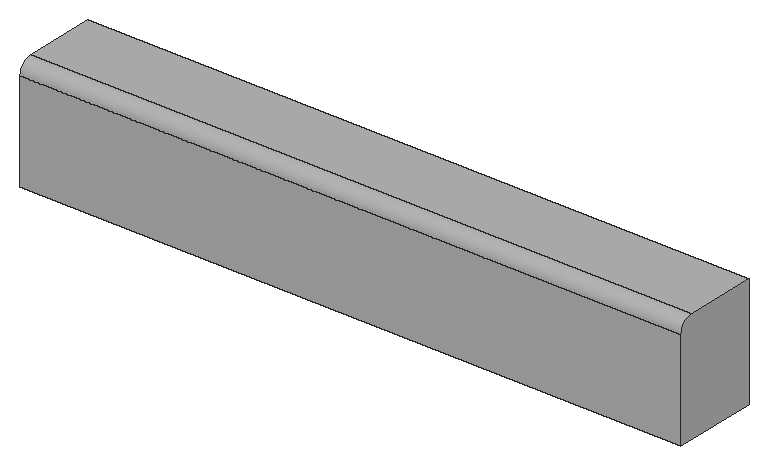
Revit family "K167 6x5 Bullnose Kerb", category Generic Models, Revit 2020
Family settings
  Can host rebar = No
  Round Connector Dimension = Use Diameter
  Part Type = Normal
  Work Plane-Based = No
  Always vertical = Yes
  Cut with Voids When Loaded = No
  Shared = No
  Room Calculation Point = No
Parameters
  Weight = "44Kg."
  Warranty Guarantor Parts = "n/a"
  Warranty Guarantor Labour = "n/a"
  Warranty Duration Unit = "n/a"
  Warranty Duration Parts = "n/a"
  Warranty Duration Labour = "n/a"
  Warranty Description = "n/a"
  Unit Width [instance] = 116 mm
  Unit Length [instance] = 914 mm
  Unit Height [instance] = 155 mm
  URL = "www.killeshal.com"
  Types = "Single"
  Type Comments = "Visit our website for a full list of available products."
  Sustainability Performance = "n/a"
  Structural Class = "n/a"
  Span = "Length."
  Slope = "0.00°"
  Size = "116 Wide x 155 High x 914mm Long."
  Shape = "As per drawing"
  Service Life = "0.000000"
  Serial Number = "n/a"
  Resistance to Fire = "n/a"
  Replacement Cost = "n/a"
  Reference = "n/a"
  Notified Body = "n/a"
  Nominal Cover to Main Bar = "n/a"
  Model = "K/167 Kerb."
  Mechanical Resistance = "n/a"
  Manufacturer = "Killeshal Precast Concrete Ltd."
  Load Bearing = no
  Life Cycle Environmental Load = "n/a"
  Length Options = "914mm."
  Keynote = "The information contained is the sole property of KPC Ltd., any reproduction in part or whole without permission of KPC Ltd. is prohibited."
  Environmental Product Declaration = "n/a"
  Environmental Class = "n/a"
  Durability against Corrosion = "n/a"
  Dimension Accuracy Class = "I.S. EN 1340:2003"
  Detailing = "As per design specification and product drawings."
  Description = "6\" x 5\" Bullnose Kerb."
  Default Elevation = 0 mm
  Dangerous Substances = "n/a"
  Contact Tel = "0035357 9353018"
  Contact Email = "sales@killeshal.com"
  Construction Type = "Precast"
  Construction Tolerance Class = "I.S. EN 1340:2003"
  Compressive Strength of Concrete = "n/a"
  Characteristics of Reinforcing Steel = "n/a"
  Characteristics Deflection Under Load = "n/a"
Reference planes
  plane 1 "Center (Front/Back)": y = 0
  plane 2: z = 0
  plane 3 "Center (Left/Right)": x = 0
  plane 4 "Rear": y = 58
  plane 5 "Front": y = -58
  plane 6 "Top": z = 155
  plane 7 "Center L/W": z = 140
  plane 8 "Center L/Y": y = -40
Forms (mm)
  Extrusion 1, solid, material "Precast Concrete (KPC)"
    sketch origin (0, 0, 0) x (0, 1, 0) y (0, 0, 1)
      loop
        line (58, 0) -> (58, 155) -> (-40, 155)
        arc (-40, 155) -> (-52.728, 149.728) -> (-58, 137) r 18
        line (-58, 137) -> (-58, 0) -> (58, 0)
    from 0 to 914
Dimensions and locks
  "Unit Length": Extrusion 1 to Extrusion 1
  "Unit Width": Extrusion 1 to Extrusion 1
  "Unit Height": Extrusion 1 to Extrusion 1
  plane 7 "Center L/W" to Extrusion 1 = 140 mm
  plane 4 "Rear" to plane 8 "Center L/Y" = 98 mm
  aligned and locked: level to plane 2
Automatic sketch dimensions
  Extrusion 1 sketch curve to plane 5 "Front" = 0 mm
  Extrusion 1 sketch curve to plane 8 "Center L/Y" = 0 mm
  Extrusion 1 sketch curve to plane 4 "Rear" = 0 mm
  Extrusion 1 sketch curve to level = 0 mm
  Extrusion 1 sketch curve to plane 6 "Top" = 0 mm
